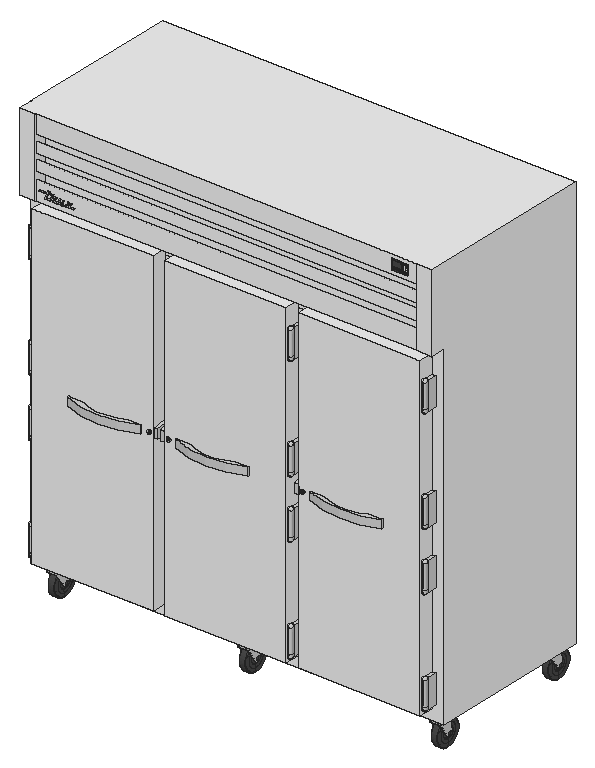
Revit family
Parameters
  Weight in Pounds = 0
  Watts = Volts * FL Amps  # 1726.4 W
  Volts = 208 V
  URL Cutsheet = "www.truemfg.com"
  URL = "www.truemfg.com"
  Type Mark [instance] = ""
  Type Comments = ""
  Status [instance] = ""
  Specification by User [instance] = ""
  Specification by Manufacturer = ""
  Show Seismic Flanged [instance] = no
  Show Logo [instance] = yes
  Show Legs [instance] = no
  Show Clearance [instance] = yes
  Serial Number = ""
  Seismic Rating = ""
  Seismic Plate [instance] = and(Show Seismic Flanged, not(Show Casters))  # no
  SMACNA No = ""
  Revision Code [instance] = ""
  Phase = 1
  Omniclass Number and Title = ""
  Number of Poles [instance] = 1
  NAFEM Spec ID Number = ""
  Model = "STR3F-3S"
  Min Ckt Ampacity = 0 A
  Max Overcurrent Protection = 0 A
  Masterspec = ""
  Manufacturer = "TRUE FOOD SERVICE EQUIPMENT, INC."
  Length = 77 3/4"
  Legs [instance] = or(Show Legs, Show Seismic Flanged)  # no
  Item Number [instance] = ""
  Installed By [instance] = ""
  Identify Quantity as Lot [instance] = yes
  Height = 77 3/4"
  HP = "2 3/4"
  Furnished By [instance] = ""
  Foodservice Equipment Identifier [instance] = yes
  FL Amps = 8.3 A
  Electrical Remarks [instance] = ""
  Electric Connection Type [instance] = ""
  Elec Conn RI Height [instance] = 0"
  Elec Conn Connection Height [instance] = 0"
  Description = "REACH-IN SOLID SWING DOOR FREEZER"
  Depth = 33 3/4"
  Cycle = 60 Hz
  Conn Plug = "5-15P"
  Conn Conduit = yes
  Show Casters [instance] = and(not(if(Show Legs, Show Legs, Show Legs)), not(if(Show Legs, Show Legs, Show Seismic Flanged)))  # yes
  CSI MasterFormat = ""
  CSI Master Format = ""
  Apparent Power = if(Phase = 3, Volts * FL Amps * 1.73, Volts * FL Amps)  # 1726.4 VA
Reference planes (in)
  plane 1 "BACK": y = 0
  plane 2: z = 0
  plane 3 "LEFT": x = 0
  plane 4 "RIGHT": x = 77.75
  plane 5 "FRONT": y = -33.75
  plane 6 "TOP": z = 84.125
  plane 7: z = 6.125
  plane 8: y = -33.7042
  plane 9: x = 38.875
Forms (in)
  Extrusion 1, solid, material "QF_Finishes_Chrome - Satin"
    sketch origin (0.05, 0, 0) x (1, 0, 0) y (0, 1, 0)
      loop
        line (-0.05, 0) -> (-0.05, -31) -> (2.2, -31) -> (2.2, 0) -> (-0.05, 0)
    from 6.125 to 84.125
  Extrusion 2, solid, material "QF_Finishes_Chrome - Satin"
    sketch origin (49.99375, 0, 0) x (1, 0, 0) y (0, 1, 0)
      loop
        line (25.50625, 0) -> (25.50625, -31) -> (27.75625, -31) -> (27.75625, 0) -> (25.50625, 0)
    from 6.125 to 84.125
  Extrusion 3, solid, material "QF_Finishes_Chrome - Satin"
    sketch origin (0, 0, 0) x (0, 1, 0) y (0, 0, 1)
      loop
        line (-33.7042, 69.5) -> (-31, 69.5) -> (-31, 66.96875) -> (-2, 66.96875) -> (-2, 9.98627) -> (-31, 9.98627) -> (-31, 6.125) -> (0, 6.125) -> (0, 84.125) -> (-33.7042, 84.125) -> (-33.7042, 80.78078) -> (-31.5, 79.21352) -> (-31.5, 78.09125) -> (-33.7042, 79.65851) -> (-33.7042, 77.5248) -> (-31.5, 75.95754) -> (-31.5, 74.99678) -> (-33.7042, 76.56404) -> (-33.7042, 74.46784) -> (-31.5, 72.90057) -> (-31.5, 71.625) -> (-33.7042, 73.19226) -> (-33.7042, 69.5)
    from 2.25 to 75.5
  Extrusion 4, solid, material "QF_Finishes_Chrome - Satin"
    sketch origin (0, 0, 0) x (1, 0, 0) y (0, 1, 0)
      loop
        line (77.75407, -31) -> (74.78532, -31) -> (74.78532, -33.75) -> (77.75407, -33.75) -> (77.75407, -31)
    from 69.5 to 84.125
  Extrusion 5, solid, material "QF_Finishes_Chrome - Satin"
    sketch origin (-50.125, 0, 0.25) x (1, 0, 0) y (0, 1, 0)
      loop
        line (53.05359, -31) -> (50.24109, -31) -> (50.24109, -33.75) -> (53.05359, -33.75) -> (53.05359, -31)
    from 69.25 to 83.875
  Extrusion 6, solid
    sketch origin (0, 0, 0) x (1, 0, 0) y (0, 0, 1)
      loop
        circle (74.65625, 82) r 0.25
    from 0 to 0.0625
  Extrusion 7, solid, material "QF_Finishes_Handrails and Railings", visible <- "Show Casters"
    sketch origin (73.0625, 0, 0) x (0, 1, 0) y (0, 0, 1)
      loop
        line (-29.95136, 5.48574) -> (-29.95136, 4.88089) -> (-29.70136, 4.88089) -> (-27.95216, 2.18736)
        arc (-27.95216, 2.18736) -> (-27.23883, 1.94868) -> (-26.84581, 2.59003) r 0.60416
        line (-26.84581, 2.59003) -> (-27.20136, 5.48574) -> (-29.95136, 5.48574)
      loop
        line (-3.8577, 5.48574) -> (-3.8577, 4.88089) -> (-3.6077, 4.88089) -> (-1.8585, 2.18736)
        arc (-1.8585, 2.18736) -> (-1.14517, 1.94868) -> (-0.75215, 2.59003) r 0.60416
        line (-0.75215, 2.59003) -> (-1.1077, 5.48574) -> (-3.8577, 5.48574)
    from 1.175 to 1.325
  Extrusion 8, solid, material "QF_Finishes_Handrails and Railings", visible <- "Show Casters"
    sketch origin (74.5625, 0, 0) x (0, 1, 0) y (0, 0, 1)
      loop
        line (-29.95136, 5.48574) -> (-29.95136, 4.88089) -> (-29.70136, 4.88089) -> (-27.95216, 2.18736)
        arc (-27.95216, 2.18736) -> (-27.23883, 1.94868) -> (-26.84581, 2.59003) r 0.60416
        line (-26.84581, 2.59003) -> (-27.20136, 5.48574) -> (-29.95136, 5.48574)
      loop
        line (-3.8577, 5.48574) -> (-3.8577, 4.88089) -> (-3.6077, 4.88089) -> (-1.8585, 2.18736)
        arc (-1.8585, 2.18736) -> (-1.14517, 1.94868) -> (-0.75215, 2.59003) r 0.60416
        line (-0.75215, 2.59003) -> (-1.1077, 5.48574) -> (-3.8577, 5.48574)
    from 1.175 to 1.325
  Revolve 9, solid, material "QF_Finishes_Chrome - Satin", visible <- "Legs"
    sketch origin (47.78125, -2.69102, 0) x (1, 0, 0) y (0, 0, 1)
      loop
        line (27.28125, 6.125) -> (25.94787, 6.125) -> (26.53125, 1) -> (26.78125, 1) -> (26.78125, 0) -> (27.28125, 0) -> (27.28125, 6.125)
      axis (27.28125, 0) -> (27.28125, 6.125)
    angle from 0 to 360
  Revolve 10, solid, material "QF_Finishes_Chrome - Satin", visible <- "Show Casters"
    sketch origin (47.78125, -2.70321, -0.5) x (1, 0, 0) y (0, 0, 1)
      loop
        line (27.28125, 5.99546) -> (27.28125, 6.62359) -> (25.98418, 6.62359) -> (25.98418, 5.99546) -> (27.28125, 5.99546)
      axis (27.28125, 5.99546) -> (27.28125, 6.62359)
    angle from 0 to 360
  Extrusion 11, solid, material "QF_Finishes_Handrails and Railings", visible <- "Show Casters"
    sketch origin (25.28125, 0, 0) x (0, 1, 0) y (0, 0, 1)
      loop
        line (-29.95136, 5.48574) -> (-29.95136, 4.88089) -> (-29.70136, 4.88089) -> (-27.16533, 5.19227) -> (-27.20136, 5.48574) -> (-29.95136, 5.48574)
      loop
        line (-3.8577, 5.48574) -> (-3.8577, 4.88089) -> (-3.6077, 4.88089) -> (-1.07167, 5.19227) -> (-1.1077, 5.48574) -> (-3.8577, 5.48574)
    from 49.10625 to 50.45625
  Revolve 12, solid, material "QF_Finishes_Black", visible <- "Show Casters"
    sketch origin (47.78125, -1.21875, 0) x (1, 0, 0) y (0, 0, 1)
      loop
        line (26.75625, 5) -> (26.65625, 4.9) -> (26.65625, 4.29941) -> (26.81726, 4.29941) -> (26.81726, 3.54941) -> (26.65625, 3.54941) -> (26.65625, 2.79941) -> (26.25625, 2.79941) -> (26.25625, 2.5) -> (28.30625, 2.5) -> (28.30625, 2.79941) -> (27.91033, 2.79941) -> (27.91033, 3.54941) -> (27.74524, 3.54941) -> (27.74524, 4.29941) -> (27.91033, 4.29941) -> (27.91033, 4.89592) -> (27.80625, 5) -> (26.75625, 5)
      axis (28.30625, 2.5) -> (26.25625, 2.5)
    angle from 0 to 360
  Extrusion 13, solid, material "QF_Finishes_Handrails and Railings", visible <- "Show Casters"
    sketch origin (0.84375, 0, 0) x (0, 1, 0) y (0, 0, 1)
      loop
        line (-29.95136, 5.48574) -> (-29.95136, 4.88089) -> (-29.70136, 4.88089) -> (-27.95216, 2.18736)
        arc (-27.95216, 2.18736) -> (-27.23883, 1.94868) -> (-26.84581, 2.59003) r 0.60416
        line (-26.84581, 2.59003) -> (-27.20136, 5.48574) -> (-29.95136, 5.48574)
      loop
        line (-3.8577, 5.48574) -> (-3.8577, 4.88089) -> (-3.6077, 4.88089) -> (-1.8585, 2.18736)
        arc (-1.8585, 2.18736) -> (-1.14517, 1.94868) -> (-0.75215, 2.59003) r 0.60416
        line (-0.75215, 2.59003) -> (-1.1077, 5.48574) -> (-3.8577, 5.48574)
    from 1.175 to 1.325
  Extrusion 14, solid, material "QF_Finishes_Handrails and Railings", visible <- "Show Casters"
    sketch origin (2.34375, 0, 0) x (0, 1, 0) y (0, 0, 1)
      loop
        line (-29.95136, 5.48574) -> (-29.95136, 4.88089) -> (-29.70136, 4.88089) -> (-27.95216, 2.18736)
        arc (-27.95216, 2.18736) -> (-27.23883, 1.94868) -> (-26.84581, 2.59003) r 0.60416
        line (-26.84581, 2.59003) -> (-27.20136, 5.48574) -> (-29.95136, 5.48574)
      loop
        line (-3.8577, 5.48574) -> (-3.8577, 4.88089) -> (-3.6077, 4.88089) -> (-1.8585, 2.18736)
        arc (-1.8585, 2.18736) -> (-1.14517, 1.94868) -> (-0.75215, 2.59003) r 0.60416
        line (-0.75215, 2.59003) -> (-1.1077, 5.48574) -> (-3.8577, 5.48574)
    from 1.175 to 1.325
  Revolve 15, solid, material "QF_Finishes_Chrome - Satin", visible <- "Legs"
    sketch origin (0.84375, -2.69102, 0) x (1, 0, 0) y (0, 0, 1)
      loop
        line (2, 6.125) -> (0.66662, 6.125) -> (1.25, 1) -> (1.5, 1) -> (1.5, 0) -> (2, 0) -> (2, 6.125)
      axis (2, 0) -> (2, 6.125)
    angle from 0 to 360
  Revolve 16, solid, material "QF_Finishes_Chrome - Satin", visible <- "Show Casters"
    sketch origin (0.84375, -2.70321, -0.5) x (1, 0, 0) y (0, 0, 1)
      loop
        line (2, 5.99546) -> (2, 6.62359) -> (0.70293, 6.62359) -> (0.70293, 5.99546) -> (2, 5.99546)
      axis (2, 5.99546) -> (2, 6.62359)
    angle from 0 to 360
  Extrusion 17, solid, material "QF_Finishes_Handrails and Railings", visible <- "Show Casters"
    sketch origin (-46.9375, 0, 0) x (0, 1, 0) y (0, 0, 1)
      loop
        line (-29.95136, 5.48574) -> (-29.95136, 4.88089) -> (-29.70136, 4.88089) -> (-27.16533, 5.19227) -> (-27.20136, 5.48574) -> (-29.95136, 5.48574)
      loop
        line (-3.8577, 5.48574) -> (-3.8577, 4.88089) -> (-3.6077, 4.88089) -> (-1.07167, 5.19227) -> (-1.1077, 5.48574) -> (-3.8577, 5.48574)
    from 49.10625 to 50.45625
  Revolve 18, solid, material "QF_Finishes_Black", visible <- "Show Casters"
    sketch origin (0.84375, -1.21875, 0) x (1, 0, 0) y (0, 0, 1)
      loop
        line (1.475, 5) -> (1.375, 4.9) -> (1.375, 4.29941) -> (1.53601, 4.29941) -> (1.53601, 3.54941) -> (1.375, 3.54941) -> (1.375, 2.79941) -> (0.975, 2.79941) -> (0.975, 2.5) -> (3.025, 2.5) -> (3.025, 2.79941) -> (2.62908, 2.79941) -> (2.62908, 3.54941) -> (2.46399, 3.54941) -> (2.46399, 4.29941) -> (2.62908, 4.29941) -> (2.62908, 4.89592) -> (2.525, 5) -> (1.475, 5)
      axis (3.025, 2.5) -> (0.975, 2.5)
    angle from 0 to 360
  Extrusion 19, solid, material "QF_Finishes_Chrome - Satin", visible <- "Seismic Plate"
    sketch origin (-0.22541, -0.99687, 0) x (1, 0, 0) y (0, 1, 0)
      loop
        circle (3.06916, -1.69416) r 1.5
    from 0 to 0.25
  Extrusion 20, solid, material "QF_Finishes_Chrome - Satin", visible <- "Seismic Plate"
    sketch origin (46.71209, -0.99687, 0) x (1, 0, 0) y (0, 1, 0)
      loop
        circle (28.35041, -1.69416) r 1.5
    from 0 to 0.25
  Extrusion 21, solid, material "QF_Finishes_Chrome - Satin"
    sketch origin (0, 0, -0.71875) x (1, 0, 0) y (0, 0, 1)
      loop
        line (2.28125, 68.6875) -> (2.28125, 8.75) -> (25.21875, 8.75) -> (25.21875, 68.6875) -> (2.28125, 68.6875)
      loop
        line (50.21875, 68.6875) -> (27.28125, 68.6875) -> (27.28125, 8.75) -> (50.21875, 8.75) -> (50.21875, 68.6875)
      loop
        line (75.46875, 68.6875) -> (52.53125, 68.6875) -> (52.53125, 8.75) -> (75.46875, 8.75) -> (75.46875, 68.6875)
    from 31 to 33.75
  Extrusion 22, solid, material "QF_Finishes_Handrails and Railings", visible <- "Show Logo"
    sketch origin (0.33478, 1.08173, -6.73143) x (1, 0, 0) y (0, 0, 1)
      loop
        line (3.46044, 78.46231) -> (3.35478, 78.23573) -> (4.76027, 78.23573)
        arc (4.76027, 78.23573) -> (4.78879, 78.18528) -> (4.76027, 78.13484) r 0.05887
        line (4.76027, 78.13484) -> (4.39369, 77.34872)
        arc (4.39369, 77.34872) -> (4.39051, 77.27591) -> (4.43975, 77.22217) r 0.09523
        line (4.43975, 77.22217) -> (5.33844, 77.22217)
        arc (5.33844, 77.22217) -> (5.45192, 77.25795) -> (5.52436, 77.35235) r 0.19785
        line (5.52436, 77.35235) -> (5.81285, 77.97101) -> (6.0779, 77.97101)
        arc (6.0779, 77.97101) -> (6.14744, 77.94543) -> (6.13737, 77.87203) r 0.05911
        line (6.13737, 77.87203) -> (5.89598, 77.35437)
        arc (5.89598, 77.35437) -> (5.89974, 77.2684) -> (5.97231, 77.22217) r 0.09318
        line (5.97231, 77.22217) -> (6.76198, 77.22217)
        arc (6.76198, 77.22217) -> (6.82249, 77.24419) -> (6.85468, 77.29995) r 0.09412
        arc (6.85468, 77.29995) -> (6.87746, 77.24495) -> (6.93246, 77.22217) r 0.07778
        line (6.93246, 77.22217) -> (7.43246, 77.22217)
        arc (7.43246, 77.22217) -> (7.49022, 77.23765) -> (7.53251, 77.27993) r 0.11552
        arc (7.53251, 77.27993) -> (7.55275, 77.23106) -> (7.60162, 77.21081) r 0.06912
        line (7.60162, 77.21081) -> (8.31225, 77.21081)
        arc (8.31225, 77.21081) -> (8.37034, 77.23488) -> (8.39441, 77.29297) r 0.08216
        arc (8.39441, 77.29297) -> (8.44767, 77.23972) -> (8.52042, 77.22022) r 0.14551
        line (8.52042, 77.22022) -> (9.85158, 77.22022) -> (9.99946, 77.47634) -> (8.65678, 77.47634)
        arc (8.65678, 77.47634) -> (8.61972, 77.50204) -> (8.61834, 77.54711) r 0.05009
        line (8.61834, 77.54711) -> (8.64157, 77.59692)
        arc (8.64157, 77.59692) -> (8.67723, 77.64364) -> (8.73327, 77.66135) r 0.09747
        line (8.73327, 77.66135) -> (9.16485, 77.66135)
        arc (9.16485, 77.66135) -> (9.258, 77.68631) -> (9.32619, 77.7545) r 0.1863
        line (9.32619, 77.7545) -> (9.45119, 77.97101)
        arc (9.45119, 77.97101) -> (9.45119, 78.08657) -> (9.35111, 78.14434) r 0.11556
        line (9.35111, 78.14434) -> (8.89562, 78.14434)
        arc (8.89562, 78.14434) -> (8.7795, 78.12462) -> (8.69849, 78.03912) r 0.18605
        line (8.69849, 78.03912) -> (8.48204, 77.57493)
        arc (8.48204, 77.57493) -> (8.41815, 77.49167) -> (8.31806, 77.46011) r 0.1745
        line (8.31806, 77.46011) -> (7.84559, 77.46011)
        arc (7.84559, 77.46011) -> (7.78903, 77.52184) -> (7.79268, 77.60548) r 0.10939
        line (7.79268, 77.60548) -> (8.04395, 78.14434) -> (7.88403, 78.14434) -> (7.61781, 77.57344)
        arc (7.61781, 77.57344) -> (7.56609, 77.50603) -> (7.48505, 77.48048) r 0.14128
        line (7.48505, 77.48048) -> (7.15925, 77.48048)
        arc (7.15925, 77.48048) -> (7.10419, 77.55223) -> (7.116, 77.64189) r 0.11816
        line (7.116, 77.64189) -> (7.3503, 78.14434) -> (7.18514, 78.14434) -> (6.91546, 77.566)
        arc (6.91546, 77.566) -> (6.85285, 77.50339) -> (6.76733, 77.48048) r 0.17104
        line (6.76733, 77.48048) -> (6.29555, 77.48048)
        arc (6.29555, 77.48048) -> (6.21082, 77.51999) -> (6.20267, 77.61313) r 0.0935
        line (6.20267, 77.61313) -> (6.35774, 77.94569) -> (6.57695, 77.94569)
        arc (6.57695, 77.94569) -> (6.61395, 78.05717) -> (6.69267, 78.14434) r 0.2857
        line (6.69267, 78.14434) -> (5.83605, 78.14434)
        arc (5.83605, 78.14434) -> (5.74086, 78.12324) -> (5.67498, 78.05135) r 0.16212
        line (5.67498, 78.05135) -> (5.44279, 77.55341)
        arc (5.44279, 77.55341) -> (5.3894, 77.50002) -> (5.31647, 77.48048) r 0.14586
        line (5.31647, 77.48048) -> (4.80506, 77.48048)
        arc (4.80506, 77.48048) -> (4.76514, 77.53442) -> (4.77274, 77.60109) r 0.09155
        line (4.77274, 77.60109) -> (5.11018, 78.23573) -> (5.96155, 78.23573) -> (6.06721, 78.46231) -> (5.21584, 78.46231) -> (5.32149, 78.68888) -> (5.01862, 78.68888) -> (4.91297, 78.46231) -> (3.46044, 78.46231)
      loop
        arc (8.83805, 77.93863) -> (8.80119, 77.92875) -> (8.7742, 77.90176) r 0.07373
        line (8.7742, 77.90176) -> (8.75229, 77.83436)
        arc (8.75229, 77.83436) -> (8.76245, 77.80983) -> (8.78699, 77.79966) r 0.0347
        line (8.78699, 77.79966) -> (9.15948, 77.79966)
        arc (9.15948, 77.79966) -> (9.18632, 77.80561) -> (9.20812, 77.82234) r 0.0635
        line (9.20812, 77.82234) -> (9.22624, 77.90622)
        arc (9.22624, 77.90622) -> (9.22091, 77.92868) -> (9.20009, 77.93863) r 0.02676
        line (9.20009, 77.93863) -> (8.83805, 77.93863)
    from 34.76797 to 34.83173
  Extrusion 23, solid, material "QF_Finishes_Handrails and Railings"
    sketch origin (1.28125, 0, 0) x (0, 1, 0) y (0, 0, 1)
      loop
        line (-31, 64.55229) -> (-32.61044, 64.55229)
        arc (-32.61044, 64.55229) -> (-32.75506, 64.49238) -> (-32.81497, 64.34776) r 0.20453
        line (-32.81497, 64.34776) -> (-32.81497, 59.94848) -> (-33.25, 59.94848) -> (-33.25, 59.23627) -> (-31, 59.23627) -> (-31, 64.55229)
    from 0.17506 to 1
  Revolve 24, solid, material "QF_Finishes_Handrails and Railings"
    sketch origin (1.78125, 0, 0) x (0, 1, 0) y (0, 0, 1)
      loop
        line (-33.26563, 60.00189) -> (-33.26563, 64.81483)
        arc (-33.26563, 64.81483) -> (-33.53722, 64.72557) -> (-33.67229, 64.4736) r 0.3848
        line (-33.67229, 64.4736) -> (-33.67229, 60.00189) -> (-33.26563, 60.00189)
      loop
        line (-33.26563, 59.94848) -> (-33.67229, 59.94848) -> (-33.67229, 59.37712)
        arc (-33.67229, 59.37712) -> (-33.53264, 59.13383) -> (-33.26563, 59.04781) r 0.38884
        line (-33.26563, 59.04781) -> (-33.26563, 59.94848)
      axis (-33.26563, 59.04781) -> (-33.26563, 64.81483)
    angle from 0 to 360
  Extrusion 25, solid, material "QF_Finishes_Handrails and Railings"
    sketch origin (-0.03125, 0, 0) x (1, 0, 0) y (0, 0, 1)
      loop
        line (1.91491, 64.4736) -> (1.91491, 60.00079) -> (2.3125, 60.00079) -> (2.3125, 64.4736) -> (1.91491, 64.4736)
    from 32.81497 to 33.59495
  Extrusion 26, solid, material "QF_Finishes_Handrails and Railings"
    sketch origin (1.28125, 0, -19.5) x (0, 1, 0) y (0, 0, 1)
      loop
        line (-31, 64.55229) -> (-32.61044, 64.55229)
        arc (-32.61044, 64.55229) -> (-32.75506, 64.49238) -> (-32.81497, 64.34776) r 0.20453
        line (-32.81497, 64.34776) -> (-32.81497, 59.94848) -> (-33.25, 59.94848) -> (-33.25, 59.23627) -> (-31, 59.23627) -> (-31, 64.55229)
    from 0.17506 to 1
  Revolve 27, solid, material "QF_Finishes_Handrails and Railings"
    sketch origin (1.78125, 0, -19.5) x (0, 1, 0) y (0, 0, 1)
      loop
        line (-33.26563, 60.00189) -> (-33.26563, 64.81483)
        arc (-33.26563, 64.81483) -> (-33.53722, 64.72557) -> (-33.67229, 64.4736) r 0.3848
        line (-33.67229, 64.4736) -> (-33.67229, 60.00189) -> (-33.26563, 60.00189)
      loop
        line (-33.26563, 59.94848) -> (-33.67229, 59.94848) -> (-33.67229, 59.37712)
        arc (-33.67229, 59.37712) -> (-33.53264, 59.13383) -> (-33.26563, 59.04781) r 0.38884
        line (-33.26563, 59.04781) -> (-33.26563, 59.94848)
      axis (-33.26563, 59.04781) -> (-33.26563, 64.81483)
    angle from 0 to 360
  Extrusion 28, solid, material "QF_Finishes_Handrails and Railings"
    sketch origin (-0.03125, 0, -19.5) x (1, 0, 0) y (0, 0, 1)
      loop
        line (1.91491, 64.4736) -> (1.91491, 60.00079) -> (2.3125, 60.00079) -> (2.3125, 64.4736) -> (1.91491, 64.4736)
    from 32.81497 to 33.59495
  Extrusion 29, solid, material "QF_Finishes_Handrails and Railings"
    sketch origin (1.28125, 0, -30.5) x (0, 1, 0) y (0, 0, 1)
      loop
        line (-31, 64.55229) -> (-32.61044, 64.55229)
        arc (-32.61044, 64.55229) -> (-32.75506, 64.49238) -> (-32.81497, 64.34776) r 0.20453
        line (-32.81497, 64.34776) -> (-32.81497, 59.94848) -> (-33.25, 59.94848) -> (-33.25, 59.23627) -> (-31, 59.23627) -> (-31, 64.55229)
    from 0.17506 to 1
  Revolve 30, solid, material "QF_Finishes_Handrails and Railings"
    sketch origin (1.78125, 0, -30.5) x (0, 1, 0) y (0, 0, 1)
      loop
        line (-33.26563, 60.00189) -> (-33.26563, 64.81483)
        arc (-33.26563, 64.81483) -> (-33.53722, 64.72557) -> (-33.67229, 64.4736) r 0.3848
        line (-33.67229, 64.4736) -> (-33.67229, 60.00189) -> (-33.26563, 60.00189)
      loop
        line (-33.26563, 59.94848) -> (-33.67229, 59.94848) -> (-33.67229, 59.37712)
        arc (-33.67229, 59.37712) -> (-33.53264, 59.13383) -> (-33.26563, 59.04781) r 0.38884
        line (-33.26563, 59.04781) -> (-33.26563, 59.94848)
      axis (-33.26563, 59.04781) -> (-33.26563, 64.81483)
    angle from 0 to 360
  Extrusion 31, solid, material "QF_Finishes_Handrails and Railings"
    sketch origin (-0.03125, 0, -30.5) x (1, 0, 0) y (0, 0, 1)
      loop
        line (1.91491, 64.4736) -> (1.91491, 60.00079) -> (2.3125, 60.00079) -> (2.3125, 64.4736) -> (1.91491, 64.4736)
    from 32.81497 to 33.59495
  Extrusion 32, solid, material "QF_Finishes_Handrails and Railings"
    sketch origin (1.28125, 0, -50.25) x (0, 1, 0) y (0, 0, 1)
      loop
        line (-31, 64.55229) -> (-32.61044, 64.55229)
        arc (-32.61044, 64.55229) -> (-32.75506, 64.49238) -> (-32.81497, 64.34776) r 0.20453
        line (-32.81497, 64.34776) -> (-32.81497, 59.94848) -> (-33.25, 59.94848) -> (-33.25, 59.23627) -> (-31, 59.23627) -> (-31, 64.55229)
    from 0.17506 to 1
  Revolve 33, solid, material "QF_Finishes_Handrails and Railings"
    sketch origin (1.78125, 0, -50.25) x (0, 1, 0) y (0, 0, 1)
      loop
        line (-33.26563, 60.00189) -> (-33.26563, 64.81483)
        arc (-33.26563, 64.81483) -> (-33.53722, 64.72557) -> (-33.67229, 64.4736) r 0.3848
        line (-33.67229, 64.4736) -> (-33.67229, 60.00189) -> (-33.26563, 60.00189)
      loop
        line (-33.26563, 59.94848) -> (-33.67229, 59.94848) -> (-33.67229, 59.37712)
        arc (-33.67229, 59.37712) -> (-33.53264, 59.13383) -> (-33.26563, 59.04781) r 0.38884
        line (-33.26563, 59.04781) -> (-33.26563, 59.94848)
      axis (-33.26563, 59.04781) -> (-33.26563, 64.81483)
    angle from 0 to 360
  Extrusion 34, solid, material "QF_Finishes_Handrails and Railings"
    sketch origin (-0.03125, 0, -50.25) x (1, 0, 0) y (0, 0, 1)
      loop
        line (1.91491, 64.4736) -> (1.91491, 60.00079) -> (2.3125, 60.00079) -> (2.3125, 64.4736) -> (1.91491, 64.4736)
    from 32.81497 to 33.59495
  Extrusion 35, solid, material "QF_Finishes_Handrails and Railings"
    sketch origin (51.1875, 0, 0) x (0, 1, 0) y (0, 0, -1)
      loop
        line (-31, -64.55229) -> (-31, -59.23627) -> (-33.25, -59.23627) -> (-33.25, -59.94848) -> (-32.81497, -59.94848) -> (-32.81497, -64.34776)
        arc (-32.81497, -64.34776) -> (-32.75506, -64.49238) -> (-32.61044, -64.55229) r 0.20453
        line (-32.61044, -64.55229) -> (-31, -64.55229)
    from 0.17506 to 1
  Revolve 36, solid, material "QF_Finishes_Handrails and Railings"
    sketch origin (50.6875, 0, 0) x (0, 1, 0) y (0, 0, -1)
      loop
        line (-33.26563, -60.00189) -> (-33.67229, -60.00189) -> (-33.67229, -64.4736)
        arc (-33.67229, -64.4736) -> (-33.53722, -64.72557) -> (-33.26563, -64.81483) r 0.3848
        line (-33.26563, -64.81483) -> (-33.26563, -60.00189)
      loop
        line (-33.26563, -59.94848) -> (-33.26563, -59.04781)
        arc (-33.26563, -59.04781) -> (-33.53264, -59.13383) -> (-33.67229, -59.37712) r 0.38884
        line (-33.67229, -59.37712) -> (-33.67229, -59.94848) -> (-33.26563, -59.94848)
      axis (-33.26563, -59.04781) -> (-33.26563, -64.81483)
    angle from 0 to 360
  Extrusion 37, solid, material "QF_Finishes_Handrails and Railings"
    sketch origin (52.5, 0, 0) x (-1, 0, 0) y (0, 0, -1)
      loop
        line (1.91491, -64.4736) -> (2.3125, -64.4736) -> (2.3125, -60.00079) -> (1.91491, -60.00079) -> (1.91491, -64.4736)
    from 32.81497 to 33.59495
  Extrusion 38, solid, material "QF_Finishes_Handrails and Railings"
    sketch origin (51.1875, 0, -19.5) x (0, 1, 0) y (0, 0, -1)
      loop
        line (-31, -64.55229) -> (-31, -59.23627) -> (-33.25, -59.23627) -> (-33.25, -59.94848) -> (-32.81497, -59.94848) -> (-32.81497, -64.34776)
        arc (-32.81497, -64.34776) -> (-32.75506, -64.49238) -> (-32.61044, -64.55229) r 0.20453
        line (-32.61044, -64.55229) -> (-31, -64.55229)
    from 0.17506 to 1
  Revolve 39, solid, material "QF_Finishes_Handrails and Railings"
    sketch origin (50.6875, 0, -19.5) x (0, 1, 0) y (0, 0, -1)
      loop
        line (-33.26563, -60.00189) -> (-33.67229, -60.00189) -> (-33.67229, -64.4736)
        arc (-33.67229, -64.4736) -> (-33.53722, -64.72557) -> (-33.26563, -64.81483) r 0.3848
        line (-33.26563, -64.81483) -> (-33.26563, -60.00189)
      loop
        line (-33.26563, -59.94848) -> (-33.26563, -59.04781)
        arc (-33.26563, -59.04781) -> (-33.53264, -59.13383) -> (-33.67229, -59.37712) r 0.38884
        line (-33.67229, -59.37712) -> (-33.67229, -59.94848) -> (-33.26563, -59.94848)
      axis (-33.26563, -59.04781) -> (-33.26563, -64.81483)
    angle from 0 to 360
  Extrusion 40, solid, material "QF_Finishes_Handrails and Railings"
    sketch origin (52.5, 0, -19.5) x (-1, 0, 0) y (0, 0, -1)
      loop
        line (1.91491, -64.4736) -> (2.3125, -64.4736) -> (2.3125, -60.00079) -> (1.91491, -60.00079) -> (1.91491, -64.4736)
    from 32.81497 to 33.59495
  Extrusion 41, solid, material "QF_Finishes_Handrails and Railings"
    sketch origin (51.1875, 0, -30.5) x (0, 1, 0) y (0, 0, -1)
      loop
        line (-31, -64.55229) -> (-31, -59.23627) -> (-33.25, -59.23627) -> (-33.25, -59.94848) -> (-32.81497, -59.94848) -> (-32.81497, -64.34776)
        arc (-32.81497, -64.34776) -> (-32.75506, -64.49238) -> (-32.61044, -64.55229) r 0.20453
        line (-32.61044, -64.55229) -> (-31, -64.55229)
    from 0.17506 to 1
  Revolve 42, solid, material "QF_Finishes_Handrails and Railings"
    sketch origin (50.6875, 0, -30.5) x (0, 1, 0) y (0, 0, -1)
      loop
        line (-33.26563, -60.00189) -> (-33.67229, -60.00189) -> (-33.67229, -64.4736)
        arc (-33.67229, -64.4736) -> (-33.53722, -64.72557) -> (-33.26563, -64.81483) r 0.3848
        line (-33.26563, -64.81483) -> (-33.26563, -60.00189)
      loop
        line (-33.26563, -59.94848) -> (-33.26563, -59.04781)
        arc (-33.26563, -59.04781) -> (-33.53264, -59.13383) -> (-33.67229, -59.37712) r 0.38884
        line (-33.67229, -59.37712) -> (-33.67229, -59.94848) -> (-33.26563, -59.94848)
      axis (-33.26563, -59.04781) -> (-33.26563, -64.81483)
    angle from 0 to 360
  Extrusion 43, solid, material "QF_Finishes_Handrails and Railings"
    sketch origin (52.5, 0, -30.5) x (-1, 0, 0) y (0, 0, -1)
      loop
        line (1.91491, -64.4736) -> (2.3125, -64.4736) -> (2.3125, -60.00079) -> (1.91491, -60.00079) -> (1.91491, -64.4736)
    from 32.81497 to 33.59495
  Extrusion 44, solid, material "QF_Finishes_Handrails and Railings"
    sketch origin (51.1875, 0, -50.25) x (0, 1, 0) y (0, 0, -1)
      loop
        line (-31, -64.55229) -> (-31, -59.23627) -> (-33.25, -59.23627) -> (-33.25, -59.94848) -> (-32.81497, -59.94848) -> (-32.81497, -64.34776)
        arc (-32.81497, -64.34776) -> (-32.75506, -64.49238) -> (-32.61044, -64.55229) r 0.20453
        line (-32.61044, -64.55229) -> (-31, -64.55229)
    from 0.17506 to 1
  Revolve 45, solid, material "QF_Finishes_Handrails and Railings"
    sketch origin (50.6875, 0, -50.25) x (0, 1, 0) y (0, 0, -1)
      loop
        line (-33.26563, -60.00189) -> (-33.67229, -60.00189) -> (-33.67229, -64.4736)
        arc (-33.67229, -64.4736) -> (-33.53722, -64.72557) -> (-33.26563, -64.81483) r 0.3848
        line (-33.26563, -64.81483) -> (-33.26563, -60.00189)
      loop
        line (-33.26563, -59.94848) -> (-33.26563, -59.04781)
        arc (-33.26563, -59.04781) -> (-33.53264, -59.13383) -> (-33.67229, -59.37712) r 0.38884
        line (-33.67229, -59.37712) -> (-33.67229, -59.94848) -> (-33.26563, -59.94848)
      axis (-33.26563, -59.04781) -> (-33.26563, -64.81483)
    angle from 0 to 360
  Extrusion 46, solid, material "QF_Finishes_Handrails and Railings"
    sketch origin (52.5, 0, -50.25) x (-1, 0, 0) y (0, 0, -1)
      loop
        line (1.91491, -64.4736) -> (2.3125, -64.4736) -> (2.3125, -60.00079) -> (1.91491, -60.00079) -> (1.91491, -64.4736)
    from 32.81497 to 33.59495
  Revolve 47, solid, material "QF_Finishes_Black", visible <- "Show Casters"
    sketch origin (73.0625, -27.375, 0) x (1, 0, 0) y (0, 0, 1)
      loop
        line (1.475, 5) -> (1.375, 4.9) -> (1.375, 4.29941) -> (1.53601, 4.29941) -> (1.53601, 3.54941) -> (1.375, 3.54941) -> (1.375, 2.79941) -> (0.975, 2.79941) -> (0.975, 2.5) -> (3.025, 2.5) -> (3.025, 2.79941) -> (2.62908, 2.79941) -> (2.62908, 3.54941) -> (2.46399, 3.54941) -> (2.46399, 4.29941) -> (2.62908, 4.29941) -> (2.62908, 4.89592) -> (2.525, 5) -> (1.475, 5)
      axis (3.025, 2.5) -> (0.975, 2.5)
    angle from 0 to 360
  Revolve 48, solid, material "QF_Finishes_Chrome - Satin", visible <- "Show Casters"
    sketch origin (73.0625, -28.5625, -0.5) x (1, 0, 0) y (0, 0, 1)
      loop
        line (2, 5.99546) -> (2, 6.62359) -> (0.70293, 6.62359) -> (0.70293, 5.99546) -> (2, 5.99546)
      axis (2, 5.99546) -> (2, 6.62359)
    angle from 0 to 360
  Revolve 49, solid, material "QF_Finishes_Chrome - Satin", visible <- "Legs"
    sketch origin (73.0625, -28.65977, 0) x (1, 0, 0) y (0, 0, 1)
      loop
        line (2, 6.125) -> (0.66662, 6.125) -> (1.25, 1) -> (1.5, 1) -> (1.5, 0) -> (2, 0) -> (2, 6.125)
      axis (2, 0) -> (2, 6.125)
    angle from 0 to 360
  Revolve 50, solid, material "QF_Finishes_Black", visible <- "Show Casters"
    sketch origin (0.84375, -27.375, 0) x (1, 0, 0) y (0, 0, 1)
      loop
        line (1.475, 5) -> (1.375, 4.9) -> (1.375, 4.29941) -> (1.53601, 4.29941) -> (1.53601, 3.54941) -> (1.375, 3.54941) -> (1.375, 2.79941) -> (0.975, 2.79941) -> (0.975, 2.5) -> (3.025, 2.5) -> (3.025, 2.79941) -> (2.62908, 2.79941) -> (2.62908, 3.54941) -> (2.46399, 3.54941) -> (2.46399, 4.29941) -> (2.62908, 4.29941) -> (2.62908, 4.89592) -> (2.525, 5) -> (1.475, 5)
      axis (3.025, 2.5) -> (0.975, 2.5)
    angle from 0 to 360
  Revolve 51, solid, material "QF_Finishes_Chrome - Satin", visible <- "Show Casters"
    sketch origin (0.84375, -28.5625, -0.5) x (1, 0, 0) y (0, 0, 1)
      loop
        line (2, 5.99546) -> (2, 6.62359) -> (0.70293, 6.62359) -> (0.70293, 5.99546) -> (2, 5.99546)
      axis (2, 5.99546) -> (2, 6.62359)
    angle from 0 to 360
  Revolve 52, solid, material "QF_Finishes_Chrome - Satin", visible <- "Legs"
    sketch origin (0.84375, -28.65977, 0) x (1, 0, 0) y (0, 0, 1)
      loop
        line (2, 6.125) -> (0.66662, 6.125) -> (1.25, 1) -> (1.5, 1) -> (1.5, 0) -> (2, 0) -> (2, 6.125)
      axis (2, 0) -> (2, 6.125)
    angle from 0 to 360
  Extrusion 53, solid, material "QF_Finishes_White"
    sketch origin (26.99925, 1.06376, 1.58022) x (1, 0, 0) y (0, 0, 1)
      loop
        line (43.16107, 81.73227) -> (43.16107, 79.98496) -> (46.06732, 79.98496) -> (46.06732, 81.73227) -> (43.16107, 81.73227)
    from 34.75 to 34.76797
  Extrusion 54, solid, material "QF_Finishes_Black"
    sketch origin (26.99925, 1.06376, 1.58022) x (1, 0, 0) y (0, 0, 1)
      loop
        line (46.12982, 81.79477) -> (43.09857, 81.79477) -> (43.09857, 79.92246) -> (46.12982, 79.92246) -> (46.12982, 81.79477)
      loop
        spline (43.29857, 80.25372) -> (43.30708, 80.23754) -> (43.33206, 80.22247) -> (43.37179, 80.20952) -> (43.42357, 80.19959) -> (43.48386, 80.19335) -> (43.54857, 80.19122) -> (43.61327, 80.19335) -> (43.67357, 80.19959) -> (43.72534, 80.20952) -> (43.76507, 80.22247) -> (43.79005, 80.23754) -> (43.79857, 80.25372)
        spline (43.79857, 80.25372) -> (43.79005, 80.26989) -> (43.76507, 80.28497) -> (43.72534, 80.29791) -> (43.67357, 80.30784) -> (43.61327, 80.31409) -> (43.54857, 80.31622) -> (43.48386, 80.31409) -> (43.42357, 80.30784) -> (43.37179, 80.29791) -> (43.33206, 80.28497) -> (43.30708, 80.26989) -> (43.29857, 80.25372)
      loop
        spline (43.99458, 80.25372) -> (44.0031, 80.23754) -> (44.02807, 80.22247) -> (44.0678, 80.20952) -> (44.11958, 80.19959) -> (44.17987, 80.19335) -> (44.24458, 80.19122) -> (44.30928, 80.19335) -> (44.36958, 80.19959) -> (44.42136, 80.20952) -> (44.46109, 80.22247) -> (44.48606, 80.23754) -> (44.49458, 80.25372)
        spline (44.49458, 80.25372) -> (44.48606, 80.26989) -> (44.46109, 80.28497) -> (44.42136, 80.29791) -> (44.36958, 80.30784) -> (44.30928, 80.31409) -> (44.24458, 80.31622) -> (44.17987, 80.31409) -> (44.11958, 80.30784) -> (44.0678, 80.29791) -> (44.02807, 80.28497) -> (44.0031, 80.26989) -> (43.99458, 80.25372)
      loop
        spline (44.74458, 80.25372) -> (44.7531, 80.23754) -> (44.77807, 80.22247) -> (44.8178, 80.20952) -> (44.86958, 80.19959) -> (44.92987, 80.19335) -> (44.99458, 80.19122) -> (45.05928, 80.19335) -> (45.11958, 80.19959) -> (45.17136, 80.20952) -> (45.21109, 80.22247) -> (45.23606, 80.23754) -> (45.24458, 80.25372)
        spline (45.24458, 80.25372) -> (45.23606, 80.26989) -> (45.21109, 80.28497) -> (45.17136, 80.29791) -> (45.11958, 80.30784) -> (45.05928, 80.31409) -> (44.99458, 80.31622) -> (44.92987, 80.31409) -> (44.86958, 80.30784) -> (44.8178, 80.29791) -> (44.77807, 80.28497) -> (44.7531, 80.26989) -> (44.74458, 80.25372)
      loop
        line (43.29856, 81.59478) -> (43.29856, 80.59478) -> (44.99808, 80.59478) -> (44.99808, 81.59478) -> (43.29856, 81.59478)
      loop
        line (46.06732, 81.73227) -> (43.16107, 81.73227) -> (43.16107, 79.98496) -> (46.06732, 79.98496) -> (46.06732, 81.73227)
      loop
        spline (45.49458, 80.25372) -> (45.5031, 80.23754) -> (45.52807, 80.22247) -> (45.5678, 80.20952) -> (45.61958, 80.19959) -> (45.67987, 80.19335) -> (45.74458, 80.19122) -> (45.80928, 80.19335) -> (45.86958, 80.19959) -> (45.92136, 80.20952) -> (45.96109, 80.22247) -> (45.98606, 80.23754) -> (45.99458, 80.25372)
        spline (45.99458, 80.25372) -> (45.98606, 80.26989) -> (45.96109, 80.28497) -> (45.92136, 80.29791) -> (45.86958, 80.30784) -> (45.80928, 80.31409) -> (45.74458, 80.31622) -> (45.67987, 80.31409) -> (45.61958, 80.30784) -> (45.5678, 80.29791) -> (45.52807, 80.28497) -> (45.5031, 80.26989) -> (45.49458, 80.25372)
    from 34.76797 to 34.80335
  Extrusion 55, solid, material "QF_Finishes_Chrome - Satin", visible <- "Seismic Plate"
    sketch origin (-0.22541, -26.96562, 0) x (1, 0, 0) y (0, 1, 0)
      loop
        circle (3.06916, -1.69416) r 1.5
    from 0 to 0.25
  Extrusion 56, solid, material "QF_Finishes_Chrome - Satin", visible <- "Seismic Plate"
    sketch origin (71.99334, -26.96562, 0) x (1, 0, 0) y (0, 1, 0)
      loop
        circle (3.06916, -1.69416) r 1.5
    from 0 to 0.25
  Extrusion 57, solid, material "QF_Finishes_Chrome - Satin"
    sketch origin (0, -33.25, 9.98627) x (0, 1, 0) y (-1, 0, 0)
      loop
        line (2.25, -24.21875) -> (2.25, -28.25) -> (3.25, -28.25) -> (3.25, -24.21875) -> (2.25, -24.21875)
      loop
        line (2.25, -49.5) -> (2.25, -53.53125) -> (3.25, -53.53125) -> (3.25, -49.5) -> (2.25, -49.5)
    from 0 to 56.98248
  Extrusion 58, solid, material "QF_Finishes_Handrails and Railings"
    sketch origin (76.46875, 0, 0) x (0, 1, 0) y (0, 0, -1)
      loop
        line (-31, -64.55229) -> (-31, -59.23627) -> (-33.25, -59.23627) -> (-33.25, -59.94848) -> (-32.81497, -59.94848) -> (-32.81497, -64.34776)
        arc (-32.81497, -64.34776) -> (-32.75506, -64.49238) -> (-32.61044, -64.55229) r 0.20453
        line (-32.61044, -64.55229) -> (-31, -64.55229)
    from 0.17506 to 1
  Revolve 59, solid, material "QF_Finishes_Handrails and Railings"
    sketch origin (75.96875, 0, 0) x (0, 1, 0) y (0, 0, -1)
      loop
        line (-33.26563, -60.00189) -> (-33.67229, -60.00189) -> (-33.67229, -64.4736)
        arc (-33.67229, -64.4736) -> (-33.53722, -64.72557) -> (-33.26563, -64.81483) r 0.3848
        line (-33.26563, -64.81483) -> (-33.26563, -60.00189)
      loop
        line (-33.26563, -59.94848) -> (-33.26563, -59.04781)
        arc (-33.26563, -59.04781) -> (-33.53264, -59.13383) -> (-33.67229, -59.37712) r 0.38884
        line (-33.67229, -59.37712) -> (-33.67229, -59.94848) -> (-33.26563, -59.94848)
      axis (-33.26563, -59.04781) -> (-33.26563, -64.81483)
    angle from 0 to 360
  Extrusion 60, solid, material "QF_Finishes_Handrails and Railings"
    sketch origin (77.78125, 0, 0) x (-1, 0, 0) y (0, 0, -1)
      loop
        line (1.91491, -64.4736) -> (2.3125, -64.4736) -> (2.3125, -60.00079) -> (1.91491, -60.00079) -> (1.91491, -64.4736)
    from 32.81497 to 33.59495
  Extrusion 61, solid, material "QF_Finishes_Handrails and Railings"
    sketch origin (76.46875, 0, -19.5) x (0, 1, 0) y (0, 0, -1)
      loop
        line (-31, -64.55229) -> (-31, -59.23627) -> (-33.25, -59.23627) -> (-33.25, -59.94848) -> (-32.81497, -59.94848) -> (-32.81497, -64.34776)
        arc (-32.81497, -64.34776) -> (-32.75506, -64.49238) -> (-32.61044, -64.55229) r 0.20453
        line (-32.61044, -64.55229) -> (-31, -64.55229)
    from 0.17506 to 1
  Revolve 62, solid, material "QF_Finishes_Handrails and Railings"
    sketch origin (75.96875, 0, -19.5) x (0, 1, 0) y (0, 0, -1)
      loop
        line (-33.26563, -60.00189) -> (-33.67229, -60.00189) -> (-33.67229, -64.4736)
        arc (-33.67229, -64.4736) -> (-33.53722, -64.72557) -> (-33.26563, -64.81483) r 0.3848
        line (-33.26563, -64.81483) -> (-33.26563, -60.00189)
      loop
        line (-33.26563, -59.94848) -> (-33.26563, -59.04781)
        arc (-33.26563, -59.04781) -> (-33.53264, -59.13383) -> (-33.67229, -59.37712) r 0.38884
        line (-33.67229, -59.37712) -> (-33.67229, -59.94848) -> (-33.26563, -59.94848)
      axis (-33.26563, -59.04781) -> (-33.26563, -64.81483)
    angle from 0 to 360
  Extrusion 63, solid, material "QF_Finishes_Handrails and Railings"
    sketch origin (77.78125, 0, -19.5) x (-1, 0, 0) y (0, 0, -1)
      loop
        line (1.91491, -64.4736) -> (2.3125, -64.4736) -> (2.3125, -60.00079) -> (1.91491, -60.00079) -> (1.91491, -64.4736)
    from 32.81497 to 33.59495
  Extrusion 64, solid, material "QF_Finishes_Handrails and Railings"
    sketch origin (76.46875, 0, -30.5) x (0, 1, 0) y (0, 0, -1)
      loop
        line (-31, -64.55229) -> (-31, -59.23627) -> (-33.25, -59.23627) -> (-33.25, -59.94848) -> (-32.81497, -59.94848) -> (-32.81497, -64.34776)
        arc (-32.81497, -64.34776) -> (-32.75506, -64.49238) -> (-32.61044, -64.55229) r 0.20453
        line (-32.61044, -64.55229) -> (-31, -64.55229)
    from 0.17506 to 1
  Revolve 65, solid, material "QF_Finishes_Handrails and Railings"
    sketch origin (75.96875, 0, -30.5) x (0, 1, 0) y (0, 0, -1)
      loop
        line (-33.26563, -60.00189) -> (-33.67229, -60.00189) -> (-33.67229, -64.4736)
        arc (-33.67229, -64.4736) -> (-33.53722, -64.72557) -> (-33.26563, -64.81483) r 0.3848
        line (-33.26563, -64.81483) -> (-33.26563, -60.00189)
      loop
        line (-33.26563, -59.94848) -> (-33.26563, -59.04781)
        arc (-33.26563, -59.04781) -> (-33.53264, -59.13383) -> (-33.67229, -59.37712) r 0.38884
        line (-33.67229, -59.37712) -> (-33.67229, -59.94848) -> (-33.26563, -59.94848)
      axis (-33.26563, -59.04781) -> (-33.26563, -64.81483)
    angle from 0 to 360
  Extrusion 66, solid, material "QF_Finishes_Handrails and Railings"
    sketch origin (77.78125, 0, -30.5) x (-1, 0, 0) y (0, 0, -1)
      loop
        line (1.91491, -64.4736) -> (2.3125, -64.4736) -> (2.3125, -60.00079) -> (1.91491, -60.00079) -> (1.91491, -64.4736)
    from 32.81497 to 33.59495
  Extrusion 67, solid, material "QF_Finishes_Handrails and Railings"
    sketch origin (76.46875, 0, -50.25) x (0, 1, 0) y (0, 0, -1)
      loop
        line (-31, -64.55229) -> (-31, -59.23627) -> (-33.25, -59.23627) -> (-33.25, -59.94848) -> (-32.81497, -59.94848) -> (-32.81497, -64.34776)
        arc (-32.81497, -64.34776) -> (-32.75506, -64.49238) -> (-32.61044, -64.55229) r 0.20453
        line (-32.61044, -64.55229) -> (-31, -64.55229)
    from 0.17506 to 1
  Revolve 68, solid, material "QF_Finishes_Handrails and Railings"
    sketch origin (75.96875, 0, -50.25) x (0, 1, 0) y (0, 0, -1)
      loop
        line (-33.26563, -60.00189) -> (-33.67229, -60.00189) -> (-33.67229, -64.4736)
        arc (-33.67229, -64.4736) -> (-33.53722, -64.72557) -> (-33.26563, -64.81483) r 0.3848
        line (-33.26563, -64.81483) -> (-33.26563, -60.00189)
      loop
        line (-33.26563, -59.94848) -> (-33.26563, -59.04781)
        arc (-33.26563, -59.04781) -> (-33.53264, -59.13383) -> (-33.67229, -59.37712) r 0.38884
        line (-33.67229, -59.37712) -> (-33.67229, -59.94848) -> (-33.26563, -59.94848)
      axis (-33.26563, -59.04781) -> (-33.26563, -64.81483)
    angle from 0 to 360
  Extrusion 69, solid, material "QF_Finishes_Handrails and Railings"
    sketch origin (77.78125, 0, -50.25) x (-1, 0, 0) y (0, 0, -1)
      loop
        line (1.91491, -64.4736) -> (2.3125, -64.4736) -> (2.3125, -60.00079) -> (1.91491, -60.00079) -> (1.91491, -64.4736)
    from 32.81497 to 33.59495
  Extrusion 70, solid, material "QF_Finishes_Handrails and Railings"
    sketch origin (1.75, 0, -2) x (1, 0, 0) y (0, 0, 1)
      loop
        circle (22.6875, 40.0625) r 0.35
      loop
        line (22.65235, 40.33635) -> (22.65235, 39.76895) -> (22.70785, 39.76895) -> (22.70785, 40.33635) -> (22.65235, 40.33635)
      loop
        circle (26.3125, 40.0625) r 0.35
      loop
        line (26.34765, 40.33635) -> (26.29215, 40.33635) -> (26.29215, 39.76895) -> (26.34765, 39.76895) -> (26.34765, 40.33635)
    from 33.5 to 33.83066
  Extrusion 71, solid, material "QF_Finishes_Handrails and Railings"
    sketch origin (-30.9524, -0.25, 26.37269) x (1, 0, 0) y (0, 1, 0)
      loop
        line (53.875, -33.5) -> (51.475, -33.5)
        arc (51.475, -33.5) -> (47.075, -34.65816) -> (42.675, -33.5) r 8.93715
        line (42.675, -33.5) -> (40.275, -33.5) -> (40.275, -33.7)
        arc (40.275, -33.7) -> (47.075, -35.14405) -> (53.875, -33.7) r 16.7325
        line (53.875, -33.7) -> (53.875, -33.5)
    from 10.87731 to 12.37731
  Blend 72, solid, material "QF_Finishes_Handrails and Railings"
    base sketch origin (-0.03125, 0, 0) x (1, 0, 0) y (0, 0, 1)
      loop
        line (25.25, 38.99169) -> (25.25, 37.24169) -> (26, 37.24169) -> (26, 38.99169) -> (25.25, 38.99169)
    top sketch origin (-0.03125, 0, 0) x (1, 0, 0) y (0, 0, 1)
      loop
        line (26.18223, 36.6441) -> (26.18223, 39.42643) -> (25.25, 39.42643) -> (25.25, 36.6441) -> (26.18223, 36.6441)
    from 33.57883 to 31
  Blend 73, solid, material "QF_Finishes_Handrails and Railings"
    base sketch origin (52.5, 0, 0) x (-1, 0, 0) y (0, 0, -1)
      loop
        line (25.25, -38.99169) -> (26, -38.99169) -> (26, -37.24169) -> (25.25, -37.24169) -> (25.25, -38.99169)
    top sketch origin (52.5, 0, 0) x (-1, 0, 0) y (0, 0, -1)
      loop
        line (26.18223, -36.6441) -> (25.25, -36.6441) -> (25.25, -39.42643) -> (26.18223, -39.42643) -> (26.18223, -36.6441)
    from 33.57883 to 31
  Extrusion 74, solid, material "QF_Finishes_Door Clearance", visible <- "Show Clearance", detail levels coarse
    sketch origin (0.66534, -3.6098, 0) x (-1, 0, 0) y (0, -1, 0)
      loop
        line (-24.55341, 30.1402) -> (-1.58466, 30.1402) -> (-1.58466, 53.10895)
        arc (-1.58466, 53.10895) -> (-17.82602, 46.38156) -> (-24.55341, 30.1402) r 22.96875
      loop
        arc (-26.58466, 30.1402) -> (-33.31205, 46.38156) -> (-49.55341, 53.10895) r 22.96875
        line (-49.55341, 53.10895) -> (-49.55341, 30.1402) -> (-26.58466, 30.1402)
      loop
        arc (-51.86591, 30.1402) -> (-58.5933, 46.38156) -> (-74.83466, 53.10895) r 22.96875
        line (-74.83466, 53.10895) -> (-74.83466, 30.1402) -> (-51.86591, 30.1402)
    from 8.0288 to 67.96875
  Extrusion 75, solid, material "QF_Finishes_Handrails and Railings"
    sketch origin (27.03125, 0, -2) x (1, 0, 0) y (0, 0, 1)
      loop
        circle (26.3125, 40.0625) r 0.35
      loop
        line (26.34765, 40.33635) -> (26.29215, 40.33635) -> (26.29215, 39.76895) -> (26.34765, 39.76895) -> (26.34765, 40.33635)
    from 33.5 to 33.83066
  Blend 76, solid, material "QF_Finishes_Handrails and Railings"
    base sketch origin (77.78125, 0, 0) x (-1, 0, 0) y (0, 0, -1)
      loop
        line (25.25, -38.99169) -> (26, -38.99169) -> (26, -37.24169) -> (25.25, -37.24169) -> (25.25, -38.99169)
    top sketch origin (77.78125, 0, 0) x (-1, 0, 0) y (0, 0, -1)
      loop
        line (26.18223, -36.6441) -> (25.25, -36.6441) -> (25.25, -39.42643) -> (26.18223, -39.42643) -> (26.18223, -36.6441)
    from 33.57883 to 31
  Extrusion 77, solid, material "QF_Finishes_Handrails and Railings", visible <- "Show Casters"
    sketch origin (36.875, 0, 0) x (0, 1, 0) y (0, 0, 1)
      loop
        line (-29.95136, 5.48574) -> (-29.95136, 4.88089) -> (-29.70136, 4.88089) -> (-27.95216, 2.18736)
        arc (-27.95216, 2.18736) -> (-27.23883, 1.94868) -> (-26.84581, 2.59003) r 0.60416
        line (-26.84581, 2.59003) -> (-27.20136, 5.48574) -> (-29.95136, 5.48574)
      loop
        line (-3.8577, 5.48574) -> (-3.8577, 4.88089) -> (-3.6077, 4.88089) -> (-1.8585, 2.18736)
        arc (-1.8585, 2.18736) -> (-1.14517, 1.94868) -> (-0.75215, 2.59003) r 0.60416
        line (-0.75215, 2.59003) -> (-1.1077, 5.48574) -> (-3.8577, 5.48574)
    from 1.175 to 1.325
  Extrusion 78, solid, material "QF_Finishes_Handrails and Railings", visible <- "Show Casters"
    sketch origin (38.375, 0, 0) x (0, 1, 0) y (0, 0, 1)
      loop
        line (-29.95136, 5.48574) -> (-29.95136, 4.88089) -> (-29.70136, 4.88089) -> (-27.95216, 2.18736)
        arc (-27.95216, 2.18736) -> (-27.23883, 1.94868) -> (-26.84581, 2.59003) r 0.60416
        line (-26.84581, 2.59003) -> (-27.20136, 5.48574) -> (-29.95136, 5.48574)
      loop
        line (-3.8577, 5.48574) -> (-3.8577, 4.88089) -> (-3.6077, 4.88089) -> (-1.8585, 2.18736)
        arc (-1.8585, 2.18736) -> (-1.14517, 1.94868) -> (-0.75215, 2.59003) r 0.60416
        line (-0.75215, 2.59003) -> (-1.1077, 5.48574) -> (-3.8577, 5.48574)
    from 1.175 to 1.325
  Revolve 79, solid, material "QF_Finishes_Chrome - Satin", visible <- "Legs"
    sketch origin (11.59375, -2.69102, 0) x (1, 0, 0) y (0, 0, 1)
      loop
        line (27.28125, 6.125) -> (25.94787, 6.125) -> (26.53125, 1) -> (26.78125, 1) -> (26.78125, 0) -> (27.28125, 0) -> (27.28125, 6.125)
      axis (27.28125, 0) -> (27.28125, 6.125)
    angle from 0 to 360
  Revolve 80, solid, material "QF_Finishes_Chrome - Satin", visible <- "Show Casters"
    sketch origin (11.59375, -2.70321, -0.5) x (1, 0, 0) y (0, 0, 1)
      loop
        line (27.28125, 5.99546) -> (27.28125, 6.62359) -> (25.98418, 6.62359) -> (25.98418, 5.99546) -> (27.28125, 5.99546)
      axis (27.28125, 5.99546) -> (27.28125, 6.62359)
    angle from 0 to 360
  Extrusion 81, solid, material "QF_Finishes_Handrails and Railings", visible <- "Show Casters"
    sketch origin (-10.90625, 0, 0) x (0, 1, 0) y (0, 0, 1)
      loop
        line (-29.95136, 5.48574) -> (-29.95136, 4.88089) -> (-29.70136, 4.88089) -> (-27.16533, 5.19227) -> (-27.20136, 5.48574) -> (-29.95136, 5.48574)
      loop
        line (-3.8577, 5.48574) -> (-3.8577, 4.88089) -> (-3.6077, 4.88089) -> (-1.07167, 5.19227) -> (-1.1077, 5.48574) -> (-3.8577, 5.48574)
    from 49.10625 to 50.45625
  Revolve 82, solid, material "QF_Finishes_Black", visible <- "Show Casters"
    sketch origin (11.59375, -1.21875, 0) x (1, 0, 0) y (0, 0, 1)
      loop
        line (26.75625, 5) -> (26.65625, 4.9) -> (26.65625, 4.29941) -> (26.81726, 4.29941) -> (26.81726, 3.54941) -> (26.65625, 3.54941) -> (26.65625, 2.79941) -> (26.25625, 2.79941) -> (26.25625, 2.5) -> (28.30625, 2.5) -> (28.30625, 2.79941) -> (27.91033, 2.79941) -> (27.91033, 3.54941) -> (27.74524, 3.54941) -> (27.74524, 4.29941) -> (27.91033, 4.29941) -> (27.91033, 4.89592) -> (27.80625, 5) -> (26.75625, 5)
      axis (28.30625, 2.5) -> (26.25625, 2.5)
    angle from 0 to 360
  Extrusion 83, solid, material "QF_Finishes_Chrome - Satin", visible <- "Seismic Plate"
    sketch origin (10.52459, -0.99687, 0) x (1, 0, 0) y (0, 1, 0)
      loop
        circle (28.35041, -1.69416) r 1.5
    from 0 to 0.25
  Revolve 84, solid, material "QF_Finishes_Black", visible <- "Show Casters"
    sketch origin (36.875, -27.375, 0) x (1, 0, 0) y (0, 0, 1)
      loop
        line (1.475, 5) -> (1.375, 4.9) -> (1.375, 4.29941) -> (1.53601, 4.29941) -> (1.53601, 3.54941) -> (1.375, 3.54941) -> (1.375, 2.79941) -> (0.975, 2.79941) -> (0.975, 2.5) -> (3.025, 2.5) -> (3.025, 2.79941) -> (2.62908, 2.79941) -> (2.62908, 3.54941) -> (2.46399, 3.54941) -> (2.46399, 4.29941) -> (2.62908, 4.29941) -> (2.62908, 4.89592) -> (2.525, 5) -> (1.475, 5)
      axis (3.025, 2.5) -> (0.975, 2.5)
    angle from 0 to 360
  Revolve 85, solid, material "QF_Finishes_Chrome - Satin", visible <- "Show Casters"
    sketch origin (36.875, -28.5625, -0.5) x (1, 0, 0) y (0, 0, 1)
      loop
        line (2, 5.99546) -> (2, 6.62359) -> (0.70293, 6.62359) -> (0.70293, 5.99546) -> (2, 5.99546)
      axis (2, 5.99546) -> (2, 6.62359)
    angle from 0 to 360
  Revolve 86, solid, material "QF_Finishes_Chrome - Satin", visible <- "Legs"
    sketch origin (36.875, -28.65977, 0) x (1, 0, 0) y (0, 0, 1)
      loop
        line (2, 6.125) -> (0.66662, 6.125) -> (1.25, 1) -> (1.5, 1) -> (1.5, 0) -> (2, 0) -> (2, 6.125)
      axis (2, 0) -> (2, 6.125)
    angle from 0 to 360
  Extrusion 87, solid, material "QF_Finishes_Chrome - Satin", visible <- "Seismic Plate"
    sketch origin (35.80584, -26.96562, 0) x (1, 0, 0) y (0, 1, 0)
      loop
        circle (3.06916, -1.69416) r 1.5
    from 0 to 0.25
  Extrusion 88, solid, material "QF_Finishes_Handrails and Railings"
    sketch origin (-10.66875, -0.25, 26.37269) x (1, 0, 0) y (0, 1, 0)
      loop
        line (53.875, -33.5) -> (51.475, -33.5)
        arc (51.475, -33.5) -> (47.075, -34.65816) -> (42.675, -33.5) r 8.93715
        line (42.675, -33.5) -> (40.275, -33.5) -> (40.275, -33.7)
        arc (40.275, -33.7) -> (47.075, -35.14405) -> (53.875, -33.7) r 16.7325
        line (53.875, -33.7) -> (53.875, -33.5)
    from 10.87731 to 12.37731
  Extrusion 89, solid, material "QF_Finishes_Handrails and Railings"
    sketch origin (14.53437, -0.25, 26.37269) x (1, 0, 0) y (0, 1, 0)
      loop
        line (53.875, -33.5) -> (51.475, -33.5)
        arc (51.475, -33.5) -> (47.075, -34.65816) -> (42.675, -33.5) r 8.93715
        line (42.675, -33.5) -> (40.275, -33.5) -> (40.275, -33.7)
        arc (40.275, -33.7) -> (47.075, -35.14405) -> (53.875, -33.7) r 16.7325
        line (53.875, -33.7) -> (53.875, -33.5)
    from 10.87731 to 12.37731
Cuts and joins
  joined: Extrusion 1, Extrusion 2, Extrusion 3, Extrusion 4, Extrusion 5
Lines and regions (in)
  symbolic lines, style "SpecialityEquipmentHiddenLines", visible <- "Show Casters"
    curve 1: line (3.82597, -0.4208, 0) -> (5.12501, -1.1708, 0)
    curve 2: line (1.20097, -4.96743, 0) -> (3.82597, -0.4208, 0)
    curve 3: line (2.50001, -5.71743, 0) -> (1.20097, -4.96743, 0)
    curve 4: line (5.12501, -1.1708, 0) -> (2.50001, -5.71743, 0)
    curve 5: line (75.13222, -0.4208, 0) -> (76.43126, -1.1708, 0)
    curve 6: line (72.50722, -4.96743, 0) -> (75.13222, -0.4208, 0)
    curve 7: line (73.80626, -5.71743, 0) -> (72.50722, -4.96743, 0)
    curve 8: line (76.43126, -1.1708, 0) -> (73.80626, -5.71743, 0)
    curve 9: line (3.82597, -24.4208, 0) -> (5.12501, -25.1708, 0)
    curve 10: line (1.20097, -28.96743, 0) -> (3.82597, -24.4208, 0)
    curve 11: line (2.50001, -29.71743, 0) -> (1.20097, -28.96743, 0)
    curve 12: line (5.12501, -25.1708, 0) -> (2.50001, -29.71743, 0)
    curve 13: line (75.13222, -24.52487, 0) -> (76.43126, -25.27487, 0)
    curve 14: line (72.50722, -29.07151, 0) -> (75.13222, -24.52487, 0)
    curve 15: line (73.80626, -29.82151, 0) -> (72.50722, -29.07151, 0)
    curve 16: line (76.43126, -25.27487, 0) -> (73.80626, -29.82151, 0)
    curve 28: line (38.94472, -0.4208, 0) -> (40.24376, -1.1708, 0)
    curve 29: line (36.31972, -4.96743, 0) -> (38.94472, -0.4208, 0)
    curve 30: line (37.61876, -5.71743, 0) -> (36.31972, -4.96743, 0)
    curve 31: line (40.24376, -1.1708, 0) -> (37.61876, -5.71743, 0)
    curve 32: line (38.94472, -24.52487, 0) -> (40.24376, -25.27487, 0)
    curve 33: line (36.31972, -29.07151, 0) -> (38.94472, -24.52487, 0)
    curve 34: line (37.61876, -29.82151, 0) -> (36.31972, -29.07151, 0)
    curve 35: line (40.24376, -25.27487, 0) -> (37.61876, -29.82151, 0)
  symbolic lines, style "QF-Door Swings", detail levels coarse
    curve 17: line (50.21875, -33.75, 0) -> (30.32723, -45.23438, 0)
    curve 18: arc (30.32723, -45.23438, 0) -> (28.03264, -39.69475, 0) -> (27.25, -33.75, 0) r 22.96875
    curve 19: line (2.25, -33.75, 0) -> (22.14152, -45.23438, 0)
    curve 20: arc (22.14152, -45.23438, 0) -> (24.43611, -39.69475, 0) -> (25.21875, -33.75, 0) r 22.96875
    curve 26: line (75.5, -33.75, 0) -> (55.60848, -45.23438, 0)
    curve 27: arc (55.60848, -45.23438, 0) -> (53.31389, -39.69475, 0) -> (52.53125, -33.75, 0) r 22.96875
  symbolic lines
    curve 21: line (0, 0, 0) -> (77.75, 0, 0)
    curve 22: line (0, -33.75, 0) -> (0, 0, 0)
    curve 23: line (77.75, -33.75, 0) -> (0, -33.75, 0)
    curve 24: line (77.75, 0, 0) -> (77.75, -33.75, 0)
    curve 25: line (77.75, -31.5, 0) -> (0, -31.5, 0)
    curve 36: arc (6.99604, -33.95, 0) -> (13.79604, -35.39405, 0) -> (20.59604, -33.95, 0) r 16.7325
    curve 37: line (6.99604, -33.75, 0) -> (6.99604, -33.95, 0)
    curve 38: arc (18.19604, -33.75, 0) -> (13.79604, -34.90816, 0) -> (9.39604, -33.75, 0) r 8.93715
    curve 39: line (20.59604, -33.95, 0) -> (20.59604, -33.75, 0)
    curve 40: arc (32.15396, -33.95, 0) -> (38.95396, -35.39405, 0) -> (45.75396, -33.95, 0) r 16.7325
    curve 41: line (32.15396, -33.75, 0) -> (32.15396, -33.95, 0)
    curve 42: arc (43.35396, -33.75, 0) -> (38.95396, -34.90816, 0) -> (34.55396, -33.75, 0) r 8.93715
    curve 43: line (45.75396, -33.95, 0) -> (45.75396, -33.75, 0)
    curve 44: arc (57.18521, -33.95, 0) -> (63.98521, -35.39405, 0) -> (70.78521, -33.95, 0) r 16.7325
    curve 45: line (57.18521, -33.75, 0) -> (57.18521, -33.95, 0)
    curve 46: arc (68.38521, -33.75, 0) -> (63.98521, -34.90816, 0) -> (59.58521, -33.75, 0) r 8.93715
    curve 47: line (70.78521, -33.95, 0) -> (70.78521, -33.75, 0)
Dimensions and locks (in)
  "Depth": plane 5 "FRONT" to plane 1 "BACK"
  plane 7 to level = 6 1/8"
  plane 6 "TOP" to level = 84 1/8"
  plane 6 "TOP" to plane 7 = 78"
  cut or joined group of Extrusion 1, Extrusion 2, Extrusion 3, Extrusion 4, Extrusion 5 to cut or joined group of Extrusion 1, Extrusion 2, Extrusion 3, Extrusion 4, Extrusion 5 = 31"
  "Length": plane 3 "LEFT" to plane 4 "RIGHT"
  plane 4 "RIGHT" to plane 3 "LEFT" = 77 3/4"
